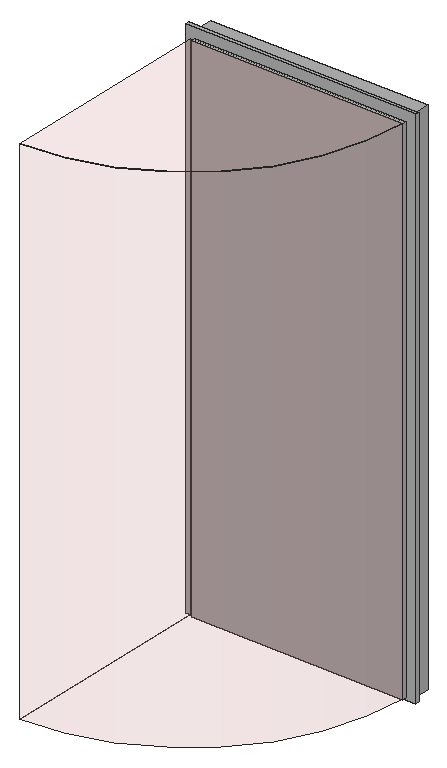
Revit family "ASSA ABLOY - DC 3.1 V3, single-leaf, angular frame", category Doors, host Wall, Revit 2021
Family settings
  Host = Wall
  OmniClass Number = 23.30.10.00
  OmniClass Title = Doors
  Always vertical = Yes
  Cut with Voids When Loaded = No
  Shared = No
  Room Calculation Point = No
Parameters (values of type "800 x 2100 (802 x 2100)")
  URL = "https://www.assaabloy.com/pl/pl"
  Type Comments = "Door leaf made of two pressed zinc-plated steel sheets 1,5mm thick. Reinforced with \"C\" and \"L\" profiles and filled with mineral wool. Door with 4-sided thick rebate with gasket."
  Symbol Radius = Door Leaf Width + 11.000 mm  # 885.500 mm
  Rough Width Conversion = 97.500 mm  # constant formula
  Rough Width Adjustment = 0.000 mm  # constant formula
  Rough Height Real = Height Round + Rough Height Conversion + Rough Height Adjustment  # 2170.000 mm
  Rough Height Conversion = 70.000 mm  # constant formula
  Rough Height Adjustment = 0.000 mm  # constant formula
  Opening Zone [instance] = yes
  Model = "Doorset_Steel security door RC4, Rw(dB)=42, NFR/ Access control-both sides, emergency door control device_ASSA ABLOY Opening Solutions_Hardware 3D"
  Hinges Material = Default steel
  HW Item 9 = "1x CH101: defender_ABLOY"
  HW Item 8 = "1x Presto 3-20/042: U-shape handle set on round rosettes (with ABLOY®ACTIVE coating in option)_ABLOY"
  HW Item 13 = "1x 1386: emergency door control device with time delay (compliance with local regulations required)"
  HW Item 12 = "1x Incedo: Access Control Set_ASSA ABLOY (option)"
  HW Item 11 = "2x HID SIGNO 25B: Card reader with biometric, two-factor authentication_HID"
  HW Item 10 = "1x 206253: Vercy door stopper, max 120 kg_ASSA ABLOY (option) "
  Frame Finish [instance] = ""
  Fire Rating = "NFR"  # constant formula
  Door Finish Push Side [instance] = ""
  Door Finish Pull Side [instance] = ""
  Width Round = roundup((Width / 5.000 mm)) * 5.000 mm  # 800.000 mm
  Thickness = 67.000 mm  # constant formula
  Smoke Rating = "n/a"
  Rough Width = Width Round + Rough Width Conversion + Rough Width Adjustment + 2.500 mm  # 900.000 mm
  Rough Height = Height Round + Rough Height Conversion + Rough Height Adjustment  # 2170.000 mm
  Readme = "The actual lintel height is consistent with the Rough Height parameter.\nThe final HW Set should be consistent with the function of the door and its  parameters.\nHardware mounted on door surface may affect the clear passage opening. For verification, please contact the specification department.\nFor the corner door frame installed in a steel structure and plasterboard walls, add 3 cm per each leaf to the width of the Rough Width opening."
  Provider = "ASSA ABLOY Opening Solutions"
  Product Group = "Single-Steel-Access Control"
  Name = "Steel security door RC4, Rw(dB)=42, NFR/ Access control-both sides, emergency door control device"
  Min Door Width = 700.000 mm
  Min Door Height = 1800.000 mm
  Mechanical Strength = 4
  Max Door Width = 1000.000 mm
  Max Door Height = 2395.000 mm
  Manufacturer = "ASSA ABLOY"  # constant formula
  IfcExportType = "USERDEFINED"
  IfcExportAs = "IfcDoorType"
  Rough Width Real = Width Round + Rough Width Conversion + Rough Width Adjustment  # 897.500 mm
  Height Round = roundup((Height / 5.000 mm)) * 5.000 mm  # 2100.000 mm
  Hardware Set = "1.8PL"
  HW Item 7 = "1x ABLOY Protec2: Euro profile cylinder in disc technology_ABLOY "
  HW Item 6 = "1x EA219: cable 10m"
  HW Item 5 = "1x EA280/ EA281: lead cover"
  HW Item 4 = "1x EL567: high security,  both handles controlled, electromechanical multipoint mortice lockcase with automatic dead locking system_ABLOY"
  HW Item 3 = "1x A153: mechanical opening damper_ASSA ABLOY (option)"
  HW Item 2 = "1x G195: door closer guide rail_ASSA ABLOY"
  HW Item 1 = "1x DC700/ DC500: door closer, Cam-Motion®_ASSA ABLOY"
  Function = Interior
  Height = 2100.000 mm
  Wall Closure = By host
  Width = 800.000 mm
  Frame Type = "Welded steel corner frame, made of zinc-plated sheet 3mm thick with EPDM gasket."
  Frame Material = Default steel
  Family name = "1.8_DOORSET_DC3.1 V3_SINGLE-LEAF_CORNER FRAME_ASSA ABLOY PL"
  Environmental Product Declaration (EPD) = "To be confirmed with Provider"  # constant formula
  Environmental Management System = "To be confirmed with Provider"  # constant formula
  Edition number = "1"
  Door Type = "DC3.1 V3"
  Door Material = Default steel
  Door Leaf Width = Width Round + Rough Width Adjustment + 74.500 mm  # 874.500 mm
  Description = "DC3.1 V3, door leaf made of two pressed zinc-plated steel sheets 1,5mm thick. Reinforced with \"C\" and \"L\" profiles and filled with mineral wool. Door with 4-sided thick rebate with gasket. Operating forces – class 3 according to EN 12217:2005. Mechanical strength – class 4 according to EN 1192:2001. Thermal transmittance Uw=1,3W/m²K according to EN ISO10077-1:2007. Burglary resistance – class RC4 according to EN 1627:2012. Acoustic rating - Rw=40dB according to PN-EN ISO 717-1:2013-08. Hinges with ball bearings, main lock: multipoint class 7 according to EN 12209, three anti-burglary bolts. Welded steel corner frame, made of zinc-plated sheet 3mm thick with EPDM gasket. 20mm fixed threshold. Optional: low threshold or drop-down seal."
  Date of publishing = ""
  Contact Provider = "https://www.assaabloy.com/pl/pl/solutions/topics/bim-specification/contact"
  Brand = "Donimet Bis Sp. z o. o."  # constant formula
  Author = "www.archispace.pl"
Types (3, lengths in mm): name | Symbol Radius | Rough Height Real | Width Round | Rough Width | Rough Height | Rough Width Real | Height Round | Height | Width | Door Leaf Width
  800 x 2100 (802 x 2100) | 885.500 | 2170.000 | 800.000 | 900.000 | 2170.000 | 897.500 | 2100.000 | 2100.000 | 800.000 | 874.500
  900 x 2100 (902 x 2100) | 985.500 | 2170.000 | 900.000 | 1000.000 | 2170.000 | 997.500 | 2100.000 | 2100.000 | 900.000 | 974.500
  1000 x 2395 (1002 x 2395) | 1085.500 | 2465.000 | 1000.000 | 1100.000 | 2465.000 | 1097.500 | 2395.000 | 2395.000 | 1000.000 | 1074.500
Reference planes
  plane 1: y = 0
  plane 2 "Center (Left/Right)": x = 0
  plane 3: z = 2170
  plane 4 "Exterior": y = 120
  plane 5 "Interior": y = -120
  plane 6: x = -448.75
  plane 7: x = 448.75
  plane 8: z = 2100
  plane 9: y = -84
  plane 10: y = -136
  plane 11: z = 9.5
  plane 12: z = 26
  plane 13: z = 2115
  plane 14: y = -41
  plane 15: y = -139
  plane 16: x = -450
  plane 17: x = 450
  plane 18: y = -157
  plane 19: x = -435.5
  plane 20: x = -420.75
  plane 21: x = 420.75
  plane 22: z = 2148.5
  plane 23: y = -90
  plane 24: x = -391.25
  plane 25: x = 408.75
  plane 26: z = 2132
  plane 27: x = -448.25
  plane 28: y = -147
Forms (mm)
  Sweep 1, solid, material "Default steel" <- "Frame Material"
    path origin (0, -120, 0) x (1, 0, 0) y (0, 0, 1)
      loop
        line (-448.75, 0) -> (-448.75, 2170) -> (448.75, 2170) -> (448.75, 0)
    profile origin (-448.75, -120, 1085) x (-1, 0, 0) y (0, -1, 0)
      loop
        line (28, 0) -> (28, 16) -> (-22, 16) -> (-22, -36) -> (-40, -36) -> (-40, -79) -> (0, -79) -> (0, 0) -> (28, 0)
  Sweep 2, solid, material "Default steel" <- "Frame Material"
    path origin (-5000, -120, 0) x (1, 0, 0) y (0, 0, 1)
      loop
        line (4573.25, 0) -> (5426.75, 0)
    profile origin (0, -120, 0) x (0, 0, 1) y (0, -1, 0)
      loop
        line (0, 16) -> (0, -79) -> (20, -79) -> (20, 16) -> (0, 16)
  Sweep 3, solid, material "Opening zone", visible <- "Opening Zone"
    path origin (-5036, 0, 0) x (-1, 0, 0) y (0, 0, 1)
      loop
        line (-5000, 9.5) -> (-5000, 2148.5)
    profile origin (-36, 0, 1079) x (1, 0, 0) y (0, 1, 0)
      loop
        line (-412.25, -147) -> (-412.25, -1032.5)
        arc (-412.25, -1032.5) -> (213.893, -773.143) -> (473.25, -147) r 885.5
        line (473.25, -147) -> (-412.25, -147)
  Sweep 4, solid, material "Default steel" <- "Frame Material"
    path origin (-5000, 0, 0) x (-1, 0, 0) y (0, 0, 1)
      loop
        line (-5000, 2148.5) -> (-5000, 9.5)
    profile origin (0, 0, 1079) x (0, 1, 0) y (-1, 0, 0)
      loop
        line (-157, 437.25) -> (-157, -437.25) -> (-139, -437.25) -> (-139, 437.25) -> (-157, 437.25)
  Sweep 5, solid, material "Default steel" <- "Frame Material"
    path origin (0, 120, 0) x (1, 0, 0) y (0, 0, 1)
      loop
        line (0, 26) -> (0, 2132)
    profile origin (0, 120, 1079) x (-1, 0, 0) y (0, -1, 0)
      loop
        line (420.75, 259) -> (-420.75, 259) -> (-420.75, 210) -> (420.75, 210) -> (420.75, 259)
  Sweep 6, solid, material "Default steel" <- "Frame Material"
    path origin (0, -120, 0) x (1, 0, 0) y (0, 0, 1)
      loop
        line (-436.5, 2170) -> (436.5, 2170)
    profile origin (0, -120, 2170) x (0, 0, 1) y (0, -1, 0)
      loop
        line (-22, 16) -> (-32, 16) -> (-32, -36) -> (-22, -36) -> (-22, 16)
      loop
        line (-40, -79) -> (-40, -36) -> (-50, -36) -> (-50, -79) -> (-40, -79)
  Sweep 7, void
    path origin (0, 120, 0) x (1, 0, 0) y (0, 0, 1)
      loop
        line (-476.75, 2170) -> (476.75, 2170)
    profile origin (0, 120, 2170) x (0, 0, 1) y (0, -1, 0)
      loop
        line (18, 240) -> (28, 240) -> (28, 256) -> (18, 256) -> (18, 240)
Cuts and joins
  Sweep 7 cuts Sweep 1
  joined: Sweep 1, Sweep 2, Sweep 6
  joined: Sweep 4, Sweep 5
Lines and regions (mm)
  Opening 1
    outline origin (-3050, -120, 0) x (1, 0, 0) y (0, 0, 1)
      loop
        line (2600, 0) -> (3500, 0) -> (3500, 2170) -> (2600, 2170) -> (2600, 0)
  Masking region 1, detail levels fine
    outline origin (-1132.682, -300, 2037) x (-1, 0, 0) y (0, -1, 0)
      loop
        line (-683.932, -259) -> (-683.932, -180) -> (-655.932, -180) -> (-655.932, -164) -> (-705.932, -164) -> (-705.932, -216) -> (-723.932, -216) -> (-723.932, -259) -> (-683.932, -259)
      loop
        line (-1609.432, -164) -> (-1609.432, -180) -> (-1581.432, -180) -> (-1581.432, -259) -> (-1541.432, -259) -> (-1541.432, -216) -> (-1559.432, -216) -> (-1559.432, -164) -> (-1609.432, -164)
  Masking region 2, detail levels medium
    outline origin (-1132.682, -300, 2037) x (-1, 0, 0) y (0, -1, 0)
      loop
        line (-683.932, -259) -> (-683.932, -180) -> (-655.932, -180) -> (-655.932, -164) -> (-723.932, -164) -> (-723.932, -259) -> (-683.932, -259)
      loop
        line (-1581.432, -259) -> (-1541.432, -259) -> (-1541.432, -164) -> (-1609.432, -164) -> (-1609.432, -180) -> (-1581.432, -180) -> (-1581.432, -259)
  Masking region 3, detail levels fine
    outline origin (-1132.682, -300, 2037) x (-1, 0, 0) y (0, -1, 0)
      loop
        circle (-684.432, -153) r 11
  symbolic lines, style "Elevation Swing"
    curve 1: line (408.75, -120, 1085) -> (-420.75, -120, 2115)
    curve 2: line (408.75, -120, 1085) -> (-420.75, -120, 9.5)
Text (mm)
  text "Exterior" at (-1376.75, 1099.543, 0), in view "Ref. Level"
  text "Exterior" at (0, 1615.38, 3698.081), in view "Left"
  text "Exterior" at (0, 1036.032, 3874.932), in view "Right"
Dimensions and locks
  "Rough Height": plane 3 to host wall
  equal spacing: host wall, curve 2, plane 3
  host wall to plane 3 = 2170.000 mm
  locked: plane 4 "Exterior" to host wall
  locked: plane 5 "Interior" to host wall
  equal spacing: plane 6, plane 2 "Center (Left/Right)", plane 7
  "Rough Width Real": plane 6 to plane 7
  "Height": plane 8 to level
  plane 11 to level = 9.500 mm
  locked: plane 12 to level at 26
  locked: plane 5 "Interior" to plane 10 at 16
  locked: plane 5 "Interior" to plane 14 at 79
  equal spacing: plane 16, plane 2 "Center (Left/Right)", plane 17
  "Rough Width": plane 16 to plane 17
  locked: plane 5 "Interior" to plane 15 at 19
  locked: plane 10 to plane 18 at 21
  locked: plane 16 to plane 19 at 14.5
  locked: Masking region 2 sketch curve to Masking region 2 sketch curve at 40
  plane 16 to plane 17 = 900.000 mm
  locked: Masking region 1 sketch curve to Masking region 1 sketch curve at 22  (x2)
  locked: Masking region 1 sketch curve to Masking region 1 sketch curve at 16
  locked: Masking region 1 sketch curve to Masking region 1 sketch curve at 28  (x2)
  locked: Masking region 1 sketch curve to Masking region 1 sketch curve at 40
  Masking region 1 sketch curve to Masking region 1 sketch curve = 43.000 mm
  Masking region 1 sketch curve to Masking region 1 sketch curve = 16.000 mm
  locked: Sweep 2 sketch curve to plane 15 at 3
  locked: Sweep 2 sketch curve to Sweep 2 sketch curve at 95
  plane 12 to level = 26.000 mm
  locked: plane 11 to level at 9.5
  locked: plane 22 to plane 3 at 21.5
  locked: plane 23 to plane 18 at 67
  plane 14 to plane 18 = 116.000 mm
  locked: plane 9 to plane 14 at 43
  plane 14 to Sweep 3 = 106.000 mm
  Sweep 5 sketch curve to plane 18 = 18.000 mm
  locked: plane 17 to Sweep 6 sketch curve at 13.5
  locked: plane 16 to Sweep 6 sketch curve at 13.5
  Sweep 2 to plane 18 = 116.000 mm
  locked: plane 25 to plane 7 at 40
  locked: plane 6 to plane 24 at 57.5
  level to plane 3 = 2170.000 mm
  locked: plane 6 to Masking region 2 sketch curve at 40
  Masking region 2 sketch curve to plane 6 = 28.000 mm
  locked: Masking region 2 sketch curve to Masking region 2 sketch curve at 28
  nested 1 to plane 25 = 800.000 mm
  level to cut or joined group of Sweep 1, Sweep 2, Sweep 6, Sweep 7 = 2188.000 mm
  locked: plane 6 to plane 20 at 28
  locked: plane 21 to plane 7 at 28
  locked: Sweep 4 sketch curve to plane 7 at 11.5
  locked: plane 6 to Sweep 4 sketch curve at 11.5
  locked: plane 22 to plane 26 at 16.5
  locked: plane 6 to plane 27 at 0.5
  "Symbol Radius": radius of Sweep 3 sketch curve
  aligned and locked: Opening 1 sketch curve to level
  aligned and locked: plane 1 to host wall
  aligned and locked: level to Sweep 1 sketch curve  (x2)
  aligned and locked: Sweep 1 sketch curve to plane 6  (x2)
  aligned and locked: plane 7 to Sweep 1 sketch curve
  aligned and locked: Sweep 2 sketch curve to level
  aligned and locked: plane 11 to curve 2
  aligned and locked: plane 5 "Interior" to Masking region 1 sketch curve
  aligned and locked: Masking region 1 sketch curve to plane 5 "Interior"
  aligned and locked: plane 10 to Masking region 2 sketch curve
  aligned and locked: plane 14 to Masking region 2 sketch curve
  aligned and locked: plane 5 "Interior" to Masking region 2 sketch curve
  aligned and locked: Masking region 2 sketch curve to plane 5 "Interior"
  aligned and locked: Masking region 2 sketch curve to plane 14
  aligned and locked: Masking region 2 sketch curve to plane 10
  aligned and locked: plane 16 to Opening 1 sketch curve
  aligned and locked: plane 17 to Opening 1 sketch curve
  aligned and locked: Sweep 1 sketch curve to plane 14
  aligned and locked: Sweep 1 sketch curve to Masking region 1  (x2)
  aligned and locked: Masking region 1 to Sweep 1 sketch curve  (x2)
  aligned and locked: Masking region 1 sketch curve to Masking region 1 sketch curve
  aligned and locked: plane 2 "Center (Left/Right)" to Sweep 4 sketch curve
  aligned and locked: plane 22 to Sweep 4 sketch curve
  aligned and locked: plane 11 to Sweep 4 sketch curve
  aligned and locked: Sweep 4 sketch curve to plane 18
  aligned and locked: plane 2 "Center (Left/Right)" to Sweep 5 sketch curve
  aligned and locked: plane 12 to Sweep 5 sketch curve
  aligned and locked: plane 9 to Masking region 1 sketch curve
  aligned and locked: Sweep 4 sketch curve to plane 15
  aligned and locked: plane 14 to Sweep 6 sketch curve
  aligned and locked: plane 9 to Sweep 6 sketch curve
  aligned and locked: plane 3 to Sweep 7 sketch curve
  aligned and locked: Sweep 3 sketch curve to Sweep 3 sketch curve
  aligned and locked: Masking region 2 sketch curve to plane 6
  aligned and locked: Masking region 2 sketch curve to plane 7
  aligned and locked: Masking region 1 sketch curve to plane 6
  aligned and locked: Masking region 1 sketch curve to Masking region 2  (x2)
  aligned and locked: cut or joined group of Sweep 1, Sweep 2, Sweep 6, Sweep 7 to Sweep 7 sketch curve  (x2)
  aligned and locked: plane 22 to Sweep 3 sketch curve
  aligned and locked: plane 11 to Sweep 3 sketch curve
  aligned and locked: plane 20 to Sweep 5 sketch curve
  aligned and locked: Sweep 5 sketch curve to plane 21
  aligned and locked: plane 3 to Sweep 1 sketch curve
  aligned and locked: plane 26 to Sweep 5 sketch curve
  aligned and locked: nested 1 to plane 6
  aligned and locked: plane 5 "Interior" to nested 1
  aligned and locked: plane 28 to Masking region 3 sketch curve
  aligned and locked: plane 27 to Masking region 3 sketch curve
  aligned and locked: plane 28 to Sweep 3 sketch curve
  aligned and locked: plane 27 to Sweep 3 sketch curve
  aligned and locked: Sweep 3 sketch curve to plane 27
  aligned and locked: plane 20 to curve 2
  aligned and locked: plane 25 to curve 2
  aligned and locked: plane 13 to curve 1
  aligned and locked: plane 20 to curve 1
Automatic sketch dimensions
  profile plane to Sweep 2 sketch curve = 0.000 mm
  Sweep 2 sketch curve to Sweep 2 sketch curve = 20.000 mm
  Opening 1 sketch curve to plane 3 = 0.000 mm
  Sweep 3 sketch curve to plane 2 "Center (Left/Right)" = 36.000 mm
  plane 14 to Masking region 1 sketch curve = 0.000 mm
  profile plane to Sweep 6 sketch curve = 50.000 mm
  Sweep 6 sketch curve to Sweep 6 sketch curve = 10.000 mm  (x2)
  Sweep 6 sketch curve to Sweep 6 sketch curve = 8.000 mm
  plane 5 "Interior" to Sweep 6 sketch curve = 16.000 mm
  Sweep 6 sketch curve to Sweep 6 sketch curve = 0.000 mm
  Sweep 7 sketch curve to profile plane = 18.000 mm
  Sweep 7 sketch curve to profile plane = 28.000 mm
  plane 4 "Exterior" to Sweep 7 sketch curve = 240.000 mm
  Sweep 7 sketch curve to Sweep 7 sketch curve = 16.000 mm
  Sweep 2 sketch curve to plane 20 = 6.000 mm
  plane 21 to Sweep 2 sketch curve = 6.000 mm
  Sweep 6 sketch curve to plane 3 = 0.000 mm
  Sweep 5 sketch curve to Sweep 5 sketch curve = 49.000 mm
  plane 5 "Interior" to Sweep 1 sketch curve = 0.000 mm
  plane 5 "Interior" to Sweep 1 sketch curve = 16.000 mm
  radius of Masking region 3 sketch curve = 11.000 mm
Nested families
  nested 1: "Detail_Door symbol" at (0, -120, 2037), type "Detail_Door symbol"
Definition of nested family "Detail_Door symbol"
  Parameters (values of type "Detail_Door symbol")
    Symbol Radius = 885.500 mm
    Rough Width = 897.500 mm
    Door Leaf Width = 874.500 mm
  Reference planes
    plane 1 "Center (Front/Back)": y = 0
    plane 2: z = 0
    plane 3 "Center (Left/Right)": x = 0
    plane 4: x = -448.75
    plane 5: x = 448.75
    plane 6: y = -27
    plane 7: x = -448.25
    plane 8: y = -38
    plane 9: y = -54.5
    plane 10: y = -896
    plane 11: y = -912.5
    plane 12: x = -458.25
    plane 13: x = -440.25
    plane 14: x = -391.25
    plane 15: y = -10.5
  Lines and regions (mm)
    Filled region 1, type "Solid Fill - White", in view "Ref. Level", detail levels fine
      outline origin (28.5, 43.059, 0) x (1, 0, 0) y (0, 1, 0)
        loop
          line (-486.75, -81.059) -> (-486.75, -955.559) -> (-468.75, -955.559) -> (-468.75, -939.059) -> (-419.75, -939.059) -> (-419.75, -97.559) -> (-468.75, -97.559) -> (-468.75, -81.059) -> (-486.75, -81.059)
    Filled region 2, type "Solid Fill - White", in view "Ref. Level", detail levels medium
      outline origin (28.5, 43.059, 0) x (1, 0, 0) y (0, 1, 0)
        loop
          line (-486.75, -81.059) -> (-486.75, -955.559) -> (-419.75, -955.559) -> (-419.75, -81.059) -> (-486.75, -81.059)
    detail lines, in view "Ref. Level"
      curve 1: arc (-448.25, -912.5, 0) -> (177.893, -653.143, 0) -> (437.25, -27, 0) r 885.5
    detail lines, in view "Ref. Level", detail levels coarse
      curve 2: line (-448.25, -912.5, 0) -> (-448.25, -27, 0)
  Dimensions and locks
    equal spacing: plane 4, plane 3 "Center (Left/Right)", plane 5
    "Rough Width": plane 4 to plane 5
    locked: plane 8 to plane 9 at 16.5
    locked: plane 11 to plane 10 at 16.5
    "Door Leaf Width": plane 11 to plane 8
    plane 8 to plane 6 to plane 1 "Center (Front/Back)" = 11.000 mm locked, 27.000 mm locked
    locked: plane 15 to plane 1 "Center (Front/Back)" at 10.5
    locked: plane 4 to plane 7 at 0.5
    locked: plane 12 to plane 4 at 9.5
    locked: plane 4 to plane 13 at 8.5
    locked: plane 4 to plane 14 at 57.5
    "Symbol Radius": radius of curve 1
    aligned and locked: plane 7 to curve 1
    aligned and locked: plane 12 to Filled region 1 sketch curve
    aligned and locked: Filled region 1 sketch curve to plane 11
    aligned and locked: Filled region 1 sketch curve to plane 13  (x2)
    aligned and locked: plane 10 to Filled region 1 sketch curve
    aligned and locked: Filled region 1 sketch curve to plane 14
    aligned and locked: Filled region 1 sketch curve to plane 8
    aligned and locked: plane 9 to Filled region 1 sketch curve
    aligned and locked: Filled region 2 sketch curve to plane 8
    aligned and locked: plane 12 to Filled region 2 sketch curve
    aligned and locked: Filled region 2 sketch curve to plane 11
    aligned and locked: Filled region 2 sketch curve to plane 14
    aligned and locked: curve 1 to plane 6  (x2)
  Automatic sketch dimensions
    plane 6 to curve 2 = 0.000 mm
